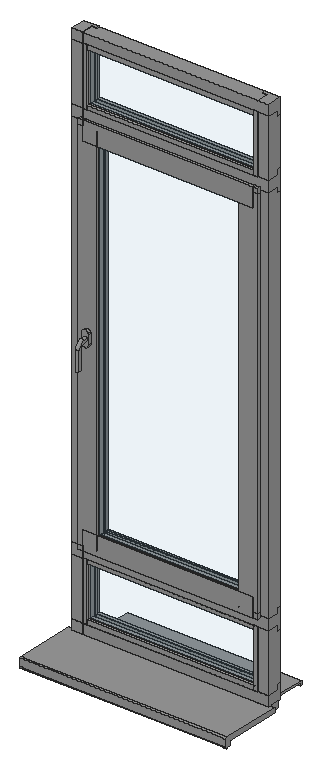
Revit family "deceuninck_okonniy_blok_odnostvorchatiy_s_framugoi_sverhu_i_snizu", category Окна, Revit 2016
Family settings
  Основа = Стена
  Номер OmniClass = 23.30.20.00
  Заголовок OmniClass = Windows
  Всегда вертикально = Да
  При загрузке вырезать с полостями = Нет
  Общий = Нет
  Точка расчета площади = Нет
Parameters (values of type "Энвин ЭКО-60")
  Ширина профиля = 60 mm
  Ширина проема [instance] = ADSK_Ширина рамы + Монтажный зазор.Левый + Монтажный зазор.Правый  # 840 mm
  Четверть.Ширина [instance] = 65 mm
  Четверть.Правая [instance] = if(and(Четверть правая.Видимость, Четверть), Четверть.Ширина, 0 mm)  # 65 mm
  Четверть.Левая [instance] = if(and(Четверть левая.Видимость, Четверть), Четверть.Ширина, 0 mm)  # 65 mm
  Четверть.Глубина [instance] = 120 mm
  Четверть.Высота [instance] = 65 mm
  Четверть правая.Видимость [instance] = yes
  Четверть левая.Видимость [instance] = yes
  Четверть.Врхняя [instance] = if(Четверть, Четверть.Высота, 0 mm)  # 65 mm
  Четверть [instance] = yes
  Цвет профиля = ""
  Фрамуга нижняя.Высота [instance] = 300 mm
  Формула стеклопакета = ""
  Толщина стеклопакета = "32"
  Стеклопакет.Толщина = 32 mm
  Створка [instance] = stvorka : Поворотная право
  Система фурнитуры [instance] = ""
  Расчетное значение ветровой нагрузки [instance] = 400
  Рама.Окно.Ширина [instance] = 800 mm
  Рама.Окно.Высота [instance] = 2200 mm
  Профильная система = "Энвин ЭКО 60"
  Проем.Окно.Ширина [instance] = 840 mm
  Проем.Окно.Высота [instance] = 2255 mm
  Приточный клапан [instance] = no
  Watermarked By = ""
  Rough Width = 0 mm  # constant formula
  Rough Height = 0 mm  # constant formula
  Подоконник.Глубина [instance] = 0 mm
  Подоконник. Видимость [instance] = yes
  Подоконник [instance] = podokonnik : ПВХ 250
  Площаль элемента [instance] = ADSK_Ширина рамы * ADSK_Высота рамы / 1000000 mm  # 1.76 mm
  Отлив.Свес [instance] = 35 mm
  Отлив.Видимость [instance] = yes
  Откосы.Глубина [instance] = 310 mm
  Огнестойкость = "Е-15"
  Наименование = "Окно 1-створчатое с верхними и нижними фрамугами Энвин ЭКО-60"
  Монтажный зазор.Спереди [instance] = 10 mm
  Монтажный зазор.Правый [instance] = if(Четверть правая.Видимость, Монтажный зазор.Боковой, 0 mm)  # 20 mm
  Монтажный зазор.Низ [instance] = 10 mm
  Монтажный зазор.Левый [instance] = if(Четверть левая.Видимость, Монтажный зазор.Боковой, 0 mm)  # 20 mm
  Монтажный зазор.Верх [instance] = 20 mm
  Монтажный зазор.Боковой = 20 mm
  Материал-Стеклопакет = none
  Материал-Рама = none
  Материал-Подоконник = ПВХ, белый
  Материал-Отлив = Лист оцинкованый, белый
  Класс профиля = "Тип В"
  Завод-изготовитель [instance] = "ООО Декёнинк Рус, Россия"  # constant formula
  ГОСТ = "ГОСТ 30673-2013"
  Фрамуга верхняя.Высота [instance] = ADSK_Высота рамы - Высота створки - Фрамуга нижняя.Высота  # 300 mm
  Высота створки [instance] = 1600 mm
  Высота профиля створки = 76 mm
  Высота профиля рамы = 62 mm
  Высота профиля имоста = 82 mm
  Высота проема [instance] = ADSK_Высота рамы + 25 mm + Монтажный зазор.Верх + Монтажный зазор.Низ  # 2255 mm
  Height = 0 mm  # constant formula
  Высота подоконника по умолчанию = 800 mm
  Замыкание стены = По основе
  Width = 0 mm  # constant formula
  Артикул створки/армирование рстворки = "ZE 60D  /  AR1"
  Артикул рамы/армирование рамы = "LE 60D  /  AR1"
  Артикул импоста/армирование импоста = "TE 60D  /  20 x 35"
  Аналитическая конструкция = "<Нет>"
  λ краевой зоны стеклопакета = 0.0600 (m²·K)/W
  Rстеклопакета = 0.7600 (m²·K)/W
  Rпрофиля = 0.6800 (m²·K)/W
  Rпривед [instance] = 1 / (((Ширина профиля / 1000 mm) * (5.4 - 4 * (Ширина профиля / 1000 mm)) / (1.8 * Rпрофиля / Rед)) + ((1.2 - 2 * (Ширина профиля / 1000 mm)) * (1.5 - 2 * (Ширина профиля / 1000 mm)) / (1.8 * Rстеклопакета / Rед)) + (5.4 - 8 * (Ширина профиля / 1000 mm)) * (λ краевой зоны стеклопакета / Rед))  # 0.61064
  Rед = 1.0000 (m²·K)/W
  ADSK_Ширина рамы [instance] = 800 mm
  ADSK_Позиция [instance] = ""
  ADSK_Высота рамы [instance] = 2200 mm
Reference planes
  plane 1 "По центру (Вперед/Назад)": y = 0
  plane 2 "По центру (Влево/Вправо)": x = 0
  plane 3 "Подоконник": z = 800
  plane 4 "Наружный": y = 250
  plane 5 "Внутренние": y = -250
  plane 6: x = -420
  plane 7: x = 420
  plane 8: x = -355
  plane 9: x = 355
  plane 10: y = 130
  plane 11: z = 3000
  plane 12: x = -400
  plane 13: x = 400
  plane 14: z = 775
  plane 15: z = 3020
  plane 16: z = 765
  plane 17: z = 2955
  plane 18: y = 120
  plane 19: y = 60
  plane 20: x = -338
  plane 21: x = 338
  plane 22: z = 2938
  plane 23: z = 862
  plane 24: y = 107
  plane 25: x = 679.372
  plane 26: y = 70
  plane 27: y = 450
  plane 28: z = 2700
  plane 29: z = 1100
Forms (mm)
  Extrusion 1, void
    sketch origin (0, -250, 0) x (1, 0, 0) y (0, 0, 1)
      loop
        line (-420, 3020) -> (-420, 765) -> (420, 765) -> (420, 3020) -> (-420, 3020)
    from 0 to -380
  Extrusion 2, void
    sketch origin (-2200.521, 130, 1000) x (1, 0, 0) y (0, 0, 1)
      loop
        line (1845.521, 1955) -> (1845.521, -235) -> (2555.521, -235) -> (2555.521, 1955) -> (1845.521, 1955)
    from 0 to -320
  Extrusion 3, solid, material <- "Материал-Рама", detail levels fine
    sketch origin (0, 0, 800) x (0, -1, 0) y (-1, 0, 0)
      loop
        line (-120, 400) -> (-120, 338) -> (-107, 338) -> (-107, 358) -> (-60, 358) -> (-60, 400) -> (-120, 400)
      loop
        line (-120, -338) -> (-120, -400) -> (-60, -400) -> (-60, -358) -> (-107, -358) -> (-107, -338) -> (-120, -338)
    from 0 to -2200
  Extrusion 4, solid, material <- "Материал-Рама", detail levels fine
    sketch origin (-750, 0, 0) x (0, -1, 0) y (0, 0, 1)
      loop
        line (-60, 800) -> (-60, 842) -> (-107, 842) -> (-107, 862) -> (-120, 862) -> (-120, 800) -> (-60, 800)
      loop
        line (-60, 2958) -> (-60, 3000) -> (-120, 3000) -> (-120, 2938) -> (-107, 2938) -> (-107, 2958) -> (-60, 2958)
    from -350 to -1150
  Extrusion 5, solid, material <- "Материал-Рама"
    sketch origin (-233.865, 107, 2257) x (0, 0, 1) y (-1, 0, 0)
      loop
        line (-1457, 166.135) -> (-1482, 166.135) -> (-1482, -633.865) -> (-1457, -633.865) -> (-1457, 166.135)
    from 0 to 37
  Extrusion 6, solid, material "Лист оцинкованый, белый" <- "Материал-Отлив", visible <- "Отлив.Видимость", detail levels fine
    sketch origin (355, 531.754, 1000) x (0, 1, 0) y (0, 0, 1)
      loop
        line (-424.754, -225) -> (-251.754, -225) -> (-251.754, -235) -> (-246.754, -235) -> (-246.754, -220) -> (-424.754, -215) -> (-424.754, -225)
    from 0 to -710
  Extrusion 7, solid, detail levels medium
    sketch origin (0, 0, 800) x (0, -1, 0) y (-1, 0, 0)
      loop
        line (-120, 400) -> (-120, 338) -> (-60, 338) -> (-60, 400) -> (-120, 400)
      loop
        line (-120, -400) -> (-60, -400) -> (-60, -338) -> (-120, -338) -> (-120, -400)
    from 0 to -2200
  Extrusion 8, solid, detail levels medium
    sketch origin (-750, 0, 0) x (0, -1, 0) y (0, 0, 1)
      loop
        line (-120, 3000) -> (-120, 2938) -> (-60, 2938) -> (-60, 3000) -> (-120, 3000)
      loop
        line (-60, 800) -> (-60, 862) -> (-120, 862) -> (-120, 800) -> (-60, 800)
    from -1150 to -350
  Extrusion 9, solid, detail levels coarse
    sketch origin (0, 0, 800) x (0, -1, 0) y (-1, 0, 0)
      loop
        line (-120, 400) -> (-120, 289) -> (-47, 289) -> (-47, 400) -> (-120, 400)
      loop
        line (-120, -400) -> (-47, -400) -> (-47, -290) -> (-120, -290) -> (-120, -400)
    from 0 to -2200
  Extrusion 10, solid, detail levels coarse
    sketch origin (-750, 0, 0) x (0, -1, 0) y (0, 0, 1)
      loop
        line (-120, 2889) -> (-47, 2889) -> (-47, 3000) -> (-120, 3000) -> (-120, 2889)
      loop
        line (-47, 800) -> (-47, 911) -> (-120, 911) -> (-120, 800) -> (-47, 800)
    from -1150 to -350
  Extrusion 11, solid, detail levels fine
    sketch origin (-750, 0, 0) x (0, -1, 0) y (0, 0, 1)
      loop
        line (-60, 2679) -> (-60, 2721) -> (-107, 2721) -> (-107, 2741) -> (-120, 2741) -> (-120, 2659) -> (-107, 2659) -> (-107, 2679) -> (-60, 2679)
      loop
        line (-60, 1079) -> (-60, 1121) -> (-107, 1121) -> (-107, 1141) -> (-120, 1141) -> (-120, 1059) -> (-107, 1059) -> (-107, 1079) -> (-60, 1079)
    from -1150 to -350
  Extrusion 12, solid, detail levels medium
    sketch origin (-750, 0, 0) x (0, -1, 0) y (0, 0, 1)
      loop
        line (-120, 2679) -> (-60, 2679) -> (-60, 2721) -> (-120, 2721) -> (-120, 2679)
      loop
        line (-120, 1079) -> (-60, 1079) -> (-60, 1121) -> (-120, 1121) -> (-120, 1079)
    from -1150 to -350
  Extrusion 13, solid, detail levels coarse
    sketch origin (-750, 0, 0) x (0, -1, 0) y (0, 0, 1)
      loop
        line (-47, 2611) -> (-47, 2789) -> (-120, 2789) -> (-120, 2611) -> (-47, 2611)
      loop
        line (-47, 1011) -> (-47, 1189) -> (-120, 1189) -> (-120, 1011) -> (-47, 1011)
    from -1150 to -350
Lines and regions (mm)
  symbolic lines, style "Windows"
    curve 1: line (-400, 130, 0) -> (400, 130, 0)
Text (mm)
  text "Наружный" at (0, 923.751, 2943.296), in view "Справа"
  text "Наружный" at (0, 1040.484, 2685.409), in view "Слева"
Dimensions and locks
  "Высота подоконника по умолчанию": plane 3 "Подоконник" to level
  locked: plane 4 "Наружный" to host wall at 0
  locked: plane 5 "Внутренние" to host wall
  "Четверть.Глубина": plane 10 to plane 4 "Наружный"
  "ADSK_Высота рамы": plane 11 to plane 3 "Подоконник"
  "Монтажный зазор.Верх": plane 15 to plane 11
  locked: plane 3 "Подоконник" to plane 14 at 25
  "Монтажный зазор.Низ": plane 14 to plane 16
  "Четверть.Врхняя": plane 15 to plane 17
  equal spacing: plane 13, plane 2 "По центру (Влево/Вправо)", plane 12
  "ADSK_Ширина рамы": plane 13 to plane 12
  "Четверть.Левая": plane 8 to plane 6
  "Четверть.Правая": plane 7 to plane 9
  "Монтажный зазор.Левый": plane 12 to plane 6
  "Монтажный зазор.Правый": plane 13 to plane 7
  "Монтажный зазор.Спереди": plane 10 to plane 18
  "Ширина профиля": plane 18 to plane 19
  "Высота профиля рамы": plane 12 to plane 20
  locked: Extrusion 3 sketch curve to Extrusion 3 sketch curve at 13  (x2)
  locked: Extrusion 3 sketch curve to Extrusion 3 sketch curve at 20  (x2)
  "Высота профиля рамы": plane 21 to plane 13
  "Высота профиля рамы": plane 11 to plane 22
  "Высота профиля рамы": plane 3 "Подоконник" to plane 23
  locked: Extrusion 4 sketch curve to Extrusion 4 sketch curve at 13  (x2)
  locked: Extrusion 4 sketch curve to Extrusion 4 sketch curve at 20  (x2)
  locked: plane 18 to plane 24 at 13
  locked: plane 26 to plane 19 at 10
  locked: Extrusion 6 sketch curve to Extrusion 6 sketch curve at 5  (x2)
  locked: Extrusion 6 sketch curve to Extrusion 6 sketch curve at 10
  "Отлив.Свес": Extrusion 6 to plane 4 "Наружный"
  locked: plane 4 "Наружный" to plane 27 at 200
  locked: Extrusion 11 sketch curve to Extrusion 11 sketch curve at 20  (x4)
  "Высота профиля имоста": Extrusion 11 sketch curve to Extrusion 11 sketch curve  (x2)
  "Высота створки": plane 28 to plane 29
  equal spacing: Extrusion 11 sketch curve, plane 28, Extrusion 11 sketch curve
  equal spacing: Extrusion 11 sketch curve, plane 29, Extrusion 11 sketch curve
  "Фрамуга нижняя.Высота": plane 29 to plane 3 "Подоконник"
  "Откосы.Глубина": plane 19 to plane 5 "Внутренние"
  "Проем.Окно.Высота": plane 15 to plane 16
  "Рама.Окно.Высота": plane 11 to plane 3 "Подоконник"
  "Проем.Окно.Ширина": plane 7 to plane 6
  "Рама.Окно.Ширина": plane 13 to plane 12
  aligned and locked: Extrusion 1 sketch curve to plane 15
  aligned and locked: Extrusion 1 sketch curve to plane 6
  aligned and locked: Extrusion 1 sketch curve to plane 7
  aligned and locked: Extrusion 1 sketch curve to plane 16
  aligned and locked: plane 10 to Extrusion 1
  aligned and locked: Extrusion 2 sketch curve to plane 17
  aligned and locked: Extrusion 2 sketch curve to plane 8
  aligned and locked: Extrusion 2 sketch curve to plane 9
  aligned and locked: Extrusion 2 sketch curve to plane 16
  aligned and locked: Extrusion 3 sketch curve to plane 18
  aligned and locked: Extrusion 3 sketch curve to plane 19
  aligned and locked: Extrusion 3 sketch curve to plane 20
  aligned and locked: Extrusion 3 sketch curve to plane 12
  aligned and locked: plane 18 to Extrusion 3 sketch curve
  aligned and locked: plane 19 to Extrusion 3 sketch curve
  aligned and locked: Extrusion 3 sketch curve to plane 13
  aligned and locked: Extrusion 3 sketch curve to plane 21
  aligned and locked: plane 11 to Extrusion 3
  aligned and locked: Extrusion 4 sketch curve to plane 19  (x2)
  aligned and locked: Extrusion 4 sketch curve to plane 18  (x2)
  aligned and locked: Extrusion 4 sketch curve to plane 23
  aligned and locked: Extrusion 4 sketch curve to plane 3 "Подоконник"
  aligned and locked: Extrusion 4 sketch curve to plane 22
  aligned and locked: Extrusion 4 sketch curve to plane 11
  aligned and locked: Extrusion 4 to plane 13
  aligned and locked: Extrusion 4 to plane 12
  aligned and locked: plane 24 to nested 1
  aligned and locked: nested 1 to Extrusion 3
  aligned and locked: Extrusion 5 sketch curve to plane 12
  aligned and locked: Extrusion 5 sketch curve to plane 3 "Подоконник"
  aligned and locked: Extrusion 5 sketch curve to plane 14
  aligned and locked: plane 13 to Extrusion 5 sketch curve
  aligned and locked: plane 26 to Extrusion 5
  aligned and locked: nested 2 to plane 3 "Подоконник"
  aligned and locked: plane 26 to nested 2
  aligned and locked: nested 2 to plane 2 "По центру (Влево/Вправо)"
  aligned and locked: plane 14 to Extrusion 6 sketch curve
  aligned and locked: Extrusion 6 to plane 8
  aligned and locked: plane 24 to Extrusion 6 sketch curve
  aligned and locked: plane 27 to Extrusion 2
  aligned and locked: curve 1 to plane 10
  aligned and locked: plane 11 to Extrusion 7
  aligned and locked: Extrusion 8 sketch curve to plane 11
  aligned and locked: Extrusion 8 sketch curve to plane 22
  aligned and locked: Extrusion 8 sketch curve to plane 19  (x2)
  aligned and locked: Extrusion 8 sketch curve to plane 18  (x2)
  aligned and locked: Extrusion 8 sketch curve to plane 3 "Подоконник"
  aligned and locked: Extrusion 8 sketch curve to plane 23
  aligned and locked: Extrusion 8 to plane 13
  aligned and locked: Extrusion 7 sketch curve to plane 20
  aligned and locked: Extrusion 7 sketch curve to plane 19  (x2)
  aligned and locked: Extrusion 7 sketch curve to plane 12
  aligned and locked: plane 13 to Extrusion 7 sketch curve
  aligned and locked: plane 21 to Extrusion 7 sketch curve
  aligned and locked: Extrusion 9 sketch curve to plane 12
  aligned and locked: Extrusion 9 sketch curve to plane 18  (x2)
  aligned and locked: plane 13 to Extrusion 9 sketch curve
  aligned and locked: Extrusion 9 sketch curve to nested 1  (x2)
  aligned and locked: plane 11 to Extrusion 9
  aligned and locked: Extrusion 10 sketch curve to plane 18
  aligned and locked: Extrusion 9 to Extrusion 10 sketch curve  (x2)
  aligned and locked: Extrusion 10 sketch curve to plane 11
  aligned and locked: Extrusion 10 sketch curve to plane 3 "Подоконник"
  aligned and locked: Extrusion 10 sketch curve to Extrusion 9
  aligned and locked: Extrusion 10 to plane 13
  aligned and locked: Extrusion 7 sketch curve to plane 18  (x2)
  aligned and locked: Extrusion 10 to plane 12
  aligned and locked: Extrusion 8 to plane 12
  aligned and locked: Extrusion 11 sketch curve to plane 19
  aligned and locked: Extrusion 11 sketch curve to plane 18
  aligned and locked: Extrusion 3 to Extrusion 11 sketch curve
  aligned and locked: Extrusion 11 to plane 13
  aligned and locked: Extrusion 11 to plane 12
  aligned and locked: Extrusion 12 sketch curve to plane 18
  aligned and locked: Extrusion 12 sketch curve to plane 19
  aligned and locked: nested 1 to Extrusion 11  (x2)
  aligned and locked: nested 3 to Extrusion 4
  aligned and locked: plane 24 to nested 3
  aligned and locked: Extrusion 3 to nested 3
  aligned and locked: nested 3 to Extrusion 3
  aligned and locked: nested 3 to Extrusion 11
  aligned and locked: Extrusion 9 to Extrusion 13 sketch curve  (x2)
  aligned and locked: Extrusion 13 sketch curve to nested 3
  aligned and locked: Extrusion 13 sketch curve to nested 1
  aligned and locked: Extrusion 13 sketch curve to plane 18  (x2)
  aligned and locked: Extrusion 13 to plane 13
  aligned and locked: Extrusion 13 to plane 12
  aligned and locked: Extrusion 12 sketch curve to Extrusion 11  (x4)
  aligned and locked: Extrusion 11 to Extrusion 12 sketch curve
  aligned and locked: nested 4 to Extrusion 11
  aligned and locked: nested 4 to Extrusion 4
  aligned and locked: plane 24 to nested 4
  aligned and locked: Extrusion 3 to nested 4
  aligned and locked: nested 4 to Extrusion 3
  aligned and locked: Extrusion 13 sketch curve to nested 4
  aligned and locked: nested 1 to Extrusion 13 sketch curve
  aligned and locked: Extrusion 3 to nested 1
  aligned and locked: Extrusion 12 to plane 12
  aligned and locked: Extrusion 12 to plane 13
Automatic sketch dimensions
  host wall to Extrusion 6 sketch curve = 30 mm
  Extrusion 6 sketch curve to Extrusion 6 sketch curve = 10 mm
  curve 1 to plane 12 = 0 mm
  curve 1 to plane 13 = 0 mm
  Extrusion 9 sketch curve to plane 19 = 13 mm
  plane 20 to Extrusion 9 sketch curve = 49 mm
  plane 23 to Extrusion 10 sketch curve = 49 mm
  plane 22 to Extrusion 10 sketch curve = 49 mm
  Extrusion 12 sketch curve to plane 18 = 0 mm
  Extrusion 11 sketch curve to plane 18 = 0 mm
  Extrusion 11 sketch curve to plane 24 = 0 mm  (x4)
  Extrusion 11 sketch curve to plane 19 = 0 mm
Nested families
  nested 1: "stvorka" at (0, 107, 1121), Профиль.Ширина <- "Ширина профиля", type <- "Створка", Стеклопакет.Толщина <- "Стеклопакет.Толщина", Профиль.Высота <- "Высота профиля створки", type "Поворотная право"
    with Стеклопакет.Толщина 32 mm, Створка.Ширина 716 mm, Створка.Высота 1558 mm, Ручка.Расстояние от низа створки 779 mm, Профиль.Ширина 60 mm, Профиль.Высота 76 mm, Материал.Профиль none
  nested 2: "podokonnik" at (0, 70, 800), Материал-Подоконник <- "Материал-Подоконник", Длина подоконника <- "Ширина проема", type <- "Подоконник", visible <- "Подоконник. Видимость", type "ПВХ 250", detail levels fine
    with Материал-Подоконник ПВХ, белый, Длина подоконника 840 mm
  nested 3: "stvorka" at (0, 107, 2721), Профиль.Ширина <- "Ширина профиля", Стеклопакет.Толщина <- "Стеклопакет.Толщина", Профиль.Высота <- "Высота профиля створки", type "Глухая"
    with Стеклопакет.Толщина 32 mm, Створка.Ширина 716 mm, Створка.Высота 237 mm, Ручка.Расстояние от низа створки 118.5 mm, Профиль.Ширина 60 mm, Профиль.Высота 76 mm, Материал.Профиль none
  nested 4: "stvorka" at (0, 107, 842), Профиль.Ширина <- "Ширина профиля", Стеклопакет.Толщина <- "Стеклопакет.Толщина", Профиль.Высота <- "Высота профиля створки", type "Глухая"
    with Стеклопакет.Толщина 32 mm, Створка.Ширина 716 mm, Створка.Высота 237 mm, Ручка.Расстояние от низа створки 118.5 mm, Профиль.Ширина 60 mm, Профиль.Высота 76 mm, Материал.Профиль none
Definition of nested family "stvorka"
  Parameters (values of type "Поворотно-откидная лево")
    Стеклопакет.Толщина [instance] = 32 mm
    Створка.Ширина [instance] = 700 mm
    Створка.Открытие = not(Створка.Глухая)  # yes
    Створка.Высота [instance] = 1400 mm
    Ручка.Расстояние от низа створки [instance] = Створка.Высота / 2  # 700 mm
    Ручка справа = yes
    Ручка снизу = no
    Ручка слева = no
    Ручка сверху. = no
    Профиль.Ширина [instance] = 58 mm
    Профиль.Высота [instance] = 77 mm
    Открывание правое = no
    Открывание низ = no
    Открывание левое = yes
    Открывание верх = yes
    Створка.Глухая = no
    Материал.Стеклопакет = none
    Материал.Профиль [instance] = none
    Watermarked By = ""
    Type Comments = "﻿﻿​        ﻿﻿﻿   ﻿﻿﻿   ﻿﻿﻿ ﻿     ﻿ ﻿  ﻿﻿ ﻿   ﻿ ﻿     ​ ​ ​ ​     ​ ​                          ​                                                 ​           ​ ﻿         ﻿  ​﻿﻿"
    Keynote = "﻿﻿​        ﻿﻿﻿   ﻿﻿﻿   ﻿﻿﻿ ﻿     ﻿ ﻿  ﻿﻿ ﻿   ﻿ ﻿     ​ ​ ​ ​     ​ ​                          ​                                                 ​           ​ ﻿         ﻿  ​﻿﻿"
    Description = "﻿﻿​        ﻿﻿﻿   ﻿﻿﻿   ﻿﻿﻿ ﻿     ﻿ ﻿  ﻿﻿ ﻿   ﻿ ﻿     ​ ​ ​ ​     ​ ​                          ​                                                 ​           ​ ﻿         ﻿  ​﻿﻿"
    Assembly Code = "﻿﻿​        ﻿﻿﻿   ﻿﻿﻿   ﻿﻿﻿ ﻿     ﻿ ﻿  ﻿﻿ ﻿   ﻿ ﻿     ​ ​ ​ ​     ​ ​                          ​                                                 ​           ​ ﻿         ﻿  ​﻿﻿"
    Analytic Construction = "<Нет>"
  Types (5, lengths in mm): name | Створка.Ширина | Створка.Открытие | Створка.Высота | Ручка.Расстояние от низа створки | Ручка справа | Ручка слева | Открывание правое | Открывание левое | Открывание верх | Створка.Глухая
    Глухая | 600 | no | 1500 | 750 | no | no | no | no | no | yes
    Поворотная право | 600 | yes | 1500 | 750 | no | yes | yes | no | no | no
    Поворотная лево | 600 | yes | 1500 | 750 | yes | no | no | yes | no | no
    Поворотно-откидная право | 600 | yes | 1500 | 750 | no | yes | yes | no | yes | no
    Поворотно-откидная лево | 700 | yes | 1400 | 700 | yes | no | no | yes | yes | no
  Reference planes
    plane 1 "По центру (Вперед/Назад)": y = 0
    plane 2: z = 0
    plane 3 "По центру (Влево/Вправо)": x = 0
    plane 4: x = -338
    plane 5: x = 338
    plane 6: y = -58
    plane 7: z = 1400
    plane 8: y = -16
    plane 9: y = -48
    plane 10: y = -51
    plane 11: x = -350
    plane 12: x = 350
    plane 13: z = 12
    plane 14: z = -8
    plane 15: z = 1408
    plane 16: z = 1388
    plane 17: z = 700
    plane 18: x = -358
    plane 19: x = -281
    plane 20: x = 358
    plane 21: x = 281
    plane 22: z = 1331
    plane 23: z = 69
    plane 24: z = 700
  Forms (mm)
    Extrusion 1, solid, material <- "Материал.Профиль", visible <- "Створка.Открытие", detail levels fine
      sketch origin (0, 0, 0) x (1, 0, 0) y (0, 1, 0)
        loop
          line (-338, 0) -> (-338, -45) -> (-358, -45) -> (-358, -58) -> (-281, -58) -> (-281, -51) -> (-301, -51) -> (-301, -13) -> (-281, -13) -> (-284, 0) -> (-338, 0)
        loop
          line (338, 0) -> (284, 0) -> (281, -13) -> (301, -13) -> (301, -51) -> (281, -51) -> (281, -58) -> (358, -58) -> (358, -45) -> (338, -45) -> (338, 0)
      from 12 to 1388
    Extrusion 2, solid, visible <- "Створка.Открытие", detail levels fine
      sketch origin (0, 0, 0) x (1, 0, 0) y (0, 1, 0)
        loop
          line (-301, -13) -> (-301, -51) -> (-281, -51) -> (-281, -48) -> (-291, -48) -> (-291, -16) -> (-281, -16) -> (-281, -13) -> (-301, -13)
        loop
          line (301, -13) -> (281, -13) -> (281, -16) -> (291, -16) -> (291, -48) -> (281, -48) -> (281, -51) -> (301, -51) -> (301, -13)
      from 49 to 1351
    Extrusion 3, solid, material <- "Материал.Профиль", visible <- "Створка.Открытие", detail levels fine
      sketch origin (0, 0, 12) x (0, 1, 0) y (0, 0, 1)
        loop
          line (-58, 57) -> (-58, -20) -> (-45, -20) -> (-45, 0) -> (0, 0) -> (0, 54) -> (-13, 57) -> (-13, 37) -> (-51, 37) -> (-51, 57) -> (-58, 57)
        loop
          line (-58, 1319) -> (-51, 1319) -> (-51, 1339) -> (-13, 1339) -> (-13, 1319) -> (0, 1322) -> (0, 1376) -> (-45, 1376) -> (-45, 1396) -> (-58, 1396) -> (-58, 1319)
      from -338 to 338
    Extrusion 4, solid, visible <- "Створка.Открытие", detail levels fine
      sketch origin (0, 0, 0) x (0, 1, 0) y (0, 0, 1)
        loop
          line (-16, 69) -> (-16, 59) -> (-48, 59) -> (-48, 69) -> (-51, 69) -> (-51, 49) -> (-13, 49) -> (-13, 69) -> (-16, 69)
        loop
          line (-51, 1351) -> (-51, 1331) -> (-48, 1331) -> (-48, 1341) -> (-16, 1341) -> (-16, 1331) -> (-13, 1331) -> (-13, 1351) -> (-51, 1351)
      from -301 to 301
    Extrusion 5, solid, material <- "Материал.Профиль", visible <- "Створка.Открытие", detail levels fine
      sketch origin (-963, -48, 1200) x (-1, 0, 0) y (0, 0, 1)
        loop
          line (-605, 208) -> (-625, 208) -> (-625, 188) -> (-605, 188) -> (-605, 208)
        loop
          line (-1301, 208) -> (-1321, 208) -> (-1321, 188) -> (-1301, 188) -> (-1301, 208)
        loop
          line (-625, -1188) -> (-625, -1208) -> (-605, -1208) -> (-605, -1188) -> (-625, -1188)
        loop
          line (-1321, -1188) -> (-1321, -1208) -> (-1301, -1208) -> (-1301, -1188) -> (-1321, -1188)
      from 3 to -10
    Extrusion 6, solid, material <- "Материал.Стеклопакет", visible <- "Створка.Открытие"
      sketch origin (0, -16, 59) x (0, -1, 0) y (1, 0, 0)
        loop
          line (0, 291) -> (0, -291) -> (32, -291) -> (32, 291) -> (0, 291)
      from 0 to 1282
    Extrusion 7, solid, material <- "Материал.Профиль", visible <- "Створка.Открытие", detail levels medium
      sketch origin (0, 0, 0) x (1, 0, 0) y (0, 1, 0)
        loop
          line (-281, 0) -> (-358, 0) -> (-358, -58) -> (-281, -58) -> (-281, 0)
        loop
          line (358, 0) -> (281, 0) -> (281, -58) -> (358, -58) -> (358, 0)
      from 12 to 1388
    Extrusion 8, solid, material <- "Материал.Профиль", visible <- "Створка.Открытие", detail levels medium
      sketch origin (0, 0, 0) x (0, 1, 0) y (0, 0, 1)
        loop
          line (0, 1408) -> (-58, 1408) -> (-58, 1331) -> (0, 1331) -> (0, 1408)
        loop
          line (0, 69) -> (-58, 69) -> (-58, -8) -> (0, -8) -> (0, 69)
      from -358 to 358
    Extrusion 9, solid, material <- "Материал.Профиль", visible <- "Створка.Глухая", detail levels fine
      sketch origin (0, 0, 0) x (0, 1, 0) y (0, 0, 1)
        loop
          line (-45, 1400) -> (-45, 1383) -> (-38, 1380) -> (-38, 1400) -> (-45, 1400)
        loop
          line (-45, 0) -> (-38, 0) -> (-38, 20) -> (-45, 17) -> (-45, 0)
      from -350 to 350
    Extrusion 10, solid, visible <- "Створка.Глухая", detail levels fine
      sketch origin (0, 0, 0) x (0, 1, 0) y (0, 0, 1)
        loop
          line (0, 1400) -> (-38, 1400) -> (-38, 1380) -> (-35, 1380) -> (-35, 1390) -> (-3, 1390) -> (-3, 1380) -> (0, 1380) -> (0, 1400)
        loop
          line (0, 0) -> (0, 20) -> (-3, 20) -> (-3, 10) -> (-35, 10) -> (-35, 20) -> (-38, 20) -> (-38, 0) -> (0, 0)
      from -350 to 350
    Extrusion 11, solid, visible <- "Створка.Глухая", detail levels fine
      sketch origin (0, 0, 0) x (1, 0, 0) y (0, 1, 0)
        loop
          line (-350, 0) -> (-350, -38) -> (-330, -38) -> (-330, -35) -> (-340, -35) -> (-340, -3) -> (-330, -3) -> (-330, 0) -> (-350, 0)
        loop
          line (350, 0) -> (330, 0) -> (330, -3) -> (340, -3) -> (340, -35) -> (330, -35) -> (330, -38) -> (350, -38) -> (350, 0)
      from 0 to 1400
    Extrusion 12, solid, material <- "Материал.Профиль", visible <- "Створка.Глухая", detail levels fine
      sketch origin (0, 0, 0) x (1, 0, 0) y (0, 1, 0)
        loop
          line (-350, -38) -> (-350, -45) -> (-333, -45) -> (-330, -38) -> (-350, -38)
        loop
          line (350, -38) -> (330, -38) -> (333, -45) -> (350, -45) -> (350, -38)
      from 0 to 1400
    Extrusion 13, solid, material <- "Материал.Стеклопакет", visible <- "Створка.Глухая"
      sketch origin (0, 0, 0) x (1, 0, 0) y (0, 1, 0)
        loop
          line (-340, -3) -> (-340, -35) -> (340, -35) -> (340, -3) -> (-340, -3)
      from 10 to 1390
    Extrusion 14, solid, material <- "Материал.Профиль", visible <- "Створка.Глухая", detail levels medium
      sketch origin (0, 0, 0) x (1, 0, 0) y (0, 1, 0)
        loop
          line (-330, 0) -> (-350, 0) -> (-350, -45) -> (-330, -45) -> (-330, 0)
        loop
          line (350, 0) -> (330, 0) -> (330, -45) -> (350, -45) -> (350, 0)
      from 0 to 1400
    Extrusion 15, solid, material <- "Материал.Профиль", visible <- "Створка.Глухая", detail levels medium
      sketch origin (-350, 682.027, 1200) x (0, 1, 0) y (0, 0, 1)
        loop
          line (-682.027, 180) -> (-682.027, 200) -> (-727.027, 200) -> (-727.027, 180) -> (-682.027, 180)
        loop
          line (-682.027, -1200) -> (-682.027, -1180) -> (-727.027, -1180) -> (-727.027, -1200) -> (-682.027, -1200)
      from 0 to 700
  Lines and regions (mm)
    symbolic lines, visible <- "Открывание правое"
      curve 1: line (281, 0, 1331) -> (-281, 0, 700)
      curve 2: line (-281, 0, 700) -> (281, 0, 69)
    symbolic lines, visible <- "Открывание левое"
      curve 3: line (-281, 0, 1331) -> (281, 0, 700)
      curve 4: line (281, 0, 700) -> (-281, 0, 69)
    symbolic lines, visible <- "Открывание верх"
      curve 5: line (-281, 0, 69) -> (0, 0, 1331)
      curve 6: line (0, 0, 1331) -> (281, 0, 69)
    symbolic lines, visible <- "Открывание низ"
      curve 7: line (-281, 0, 1331) -> (0, 0, 69)
      curve 8: line (0, 0, 69) -> (281, 0, 1331)
    symbolic lines, visible <- "Створка.Глухая"
      curve 9: line (0, 0, 650) -> (0, 0, 750)
      curve 10: line (-50, 0, 700) -> (50, 0, 700)
  Dimensions and locks
    locked: Extrusion 1 sketch curve to Extrusion 1 sketch curve at 13  (x2)
    "Профиль.Ширина": plane 1 "По центру (Вперед/Назад)" to plane 6
    "Стеклопакет.Толщина": plane 8 to plane 9
    locked: plane 8 to plane 1 "По центру (Вперед/Назад)" at 16
    locked: Extrusion 1 to Extrusion 2 sketch curve at 10
    locked: Extrusion 2 sketch curve to Extrusion 1 at 10
    locked: plane 9 to plane 10 at 3
    locked: Extrusion 3 sketch curve to Extrusion 3 sketch curve at 13  (x2)
    locked: Extrusion 4 sketch curve to Extrusion 3 at 10  (x2)
    "Створка.Высота": plane 7 to plane 2
    locked: plane 4 to plane 11 at 12
    locked: plane 12 to plane 5 at 12
    equal spacing: plane 12, plane 3 "По центру (Влево/Вправо)", plane 11
    "Створка.Ширина": plane 12 to plane 11
    locked: plane 15 to plane 7 at 8
    locked: plane 7 to plane 16 at 12
    locked: plane 2 to plane 14 at 8
    locked: plane 13 to plane 2 at 12
    "Профиль.Высота": plane 18 to plane 19
    "Профиль.Высота": plane 21 to plane 20
    locked: plane 21 to Extrusion 2 at 20
    "Профиль.Высота": plane 22 to plane 15
    locked: plane 11 to plane 18 at 8
    locked: plane 20 to plane 12 at 8
    locked: Extrusion 2 to plane 19 at 20
    "Профиль.Высота": plane 23 to plane 14
    "Ручка.Расстояние от низа створки": plane 17 to plane 2
    locked: nested 3 to plane 13 at 18.5
    locked: nested 4 to plane 16 at 18.5
    locked: nested 1 to plane 4 at 18.5
    locked: plane 5 to nested 2 at 18.5
    equal spacing: plane 7, plane 24, plane 2
    locked: Extrusion 10 sketch curve to Extrusion 10 sketch curve at 20  (x2)
    locked: plane 1 "По центру (Вперед/Назад)" to Extrusion 10 sketch curve at 3  (x2)
    "Стеклопакет.Толщина": Extrusion 10 sketch curve to Extrusion 10 sketch curve  (x2)
    locked: plane 11 to Extrusion 11 sketch curve at 10
    locked: Extrusion 11 sketch curve to Extrusion 11 sketch curve at 3  (x2)
    locked: Extrusion 11 sketch curve to plane 1 "По центру (Вперед/Назад)" at 3
    "Стеклопакет.Толщина": Extrusion 11 sketch curve to Extrusion 11 sketch curve  (x2)
    locked: Extrusion 11 sketch curve to plane 12 at 10
    locked: Extrusion 1 to Extrusion 11 sketch curve at 3
    locked: Extrusion 14 to Extrusion 15 sketch curve at 20  (x2)
    locked: Extrusion 11 to Extrusion 14 sketch curve at 20
    locked: Extrusion 14 sketch curve to Extrusion 14 sketch curve at 20
    curve 9 to plane 24 to curve 9 = 50 mm locked, 50 mm locked
    curve 10 to plane 3 "По центру (Влево/Вправо)" to curve 10 = 50 mm locked, 50 mm locked
    locked: Extrusion 7 to Extrusion 1 sketch curve at 13  (x2)
    locked: Extrusion 3 sketch curve to Extrusion 8 at 13  (x2)
    locked: Extrusion 4 to plane 23 at 20
    locked: Extrusion 4 to plane 22 at 20
    locked: Extrusion 14 to Extrusion 13 at 10
    locked: Extrusion 10 sketch curve to Extrusion 13 at 10
    aligned and locked: level to plane 2
    aligned and locked: Extrusion 1 sketch curve to plane 4
    aligned and locked: plane 6 to Extrusion 1 sketch curve
    aligned and locked: plane 1 "По центру (Вперед/Назад)" to Extrusion 1 sketch curve
    aligned and locked: plane 10 to Extrusion 1 sketch curve
    aligned and locked: Extrusion 2 sketch curve to Extrusion 1  (x9)
    aligned and locked: Extrusion 2 sketch curve to plane 9
    aligned and locked: Extrusion 2 sketch curve to plane 8
    aligned and locked: Extrusion 1 sketch curve to plane 5
    aligned and locked: Extrusion 1 sketch curve to plane 6
    aligned and locked: Extrusion 1 sketch curve to plane 1 "По центру (Вперед/Назад)"
    aligned and locked: Extrusion 1 to Extrusion 2 sketch curve
    aligned and locked: plane 6 to Extrusion 3 sketch curve
    aligned and locked: plane 1 "По центру (Вперед/Назад)" to Extrusion 3 sketch curve
    aligned and locked: plane 10 to Extrusion 3 sketch curve
    aligned and locked: plane 13 to Extrusion 3
    aligned and locked: plane 8 to Extrusion 4 sketch curve  (x2)
    aligned and locked: plane 9 to Extrusion 4 sketch curve
    aligned and locked: Extrusion 4 sketch curve to Extrusion 3  (x8)
    aligned and locked: Extrusion 3 to Extrusion 4 sketch curve  (x2)
    aligned and locked: plane 5 to Extrusion 3
    aligned and locked: plane 14 to Extrusion 3
    aligned and locked: Extrusion 3 to plane 4
    aligned and locked: Extrusion 4 to Extrusion 1  (x2)
    aligned and locked: Extrusion 2 to Extrusion 4
    aligned and locked: Extrusion 3 sketch curve to plane 6
    aligned and locked: Extrusion 3 sketch curve to plane 1 "По центру (Вперед/Назад)"
    aligned and locked: plane 15 to Extrusion 3 sketch curve
    aligned and locked: Extrusion 2 to Extrusion 4 sketch curve
    aligned and locked: Extrusion 1 to Extrusion 3  (x2)
    aligned and locked: Extrusion 5 sketch curve to plane 15
    aligned and locked: Extrusion 5 sketch curve to plane 16
    aligned and locked: Extrusion 5 sketch curve to plane 4
    aligned and locked: Extrusion 5 to plane 6
    aligned and locked: Extrusion 2 to Extrusion 3
    aligned and locked: plane 5 to Extrusion 5 sketch curve  (x2)
    aligned and locked: plane 16 to Extrusion 5 sketch curve
    aligned and locked: plane 15 to Extrusion 5 sketch curve
    aligned and locked: plane 18 to Extrusion 1 sketch curve
    aligned and locked: Extrusion 1 sketch curve to plane 19
    aligned and locked: plane 21 to Extrusion 1 sketch curve
    aligned and locked: Extrusion 1 sketch curve to plane 20
    aligned and locked: Extrusion 3 sketch curve to plane 14
    aligned and locked: plane 13 to Extrusion 3 sketch curve
    aligned and locked: Extrusion 3 sketch curve to plane 23
    aligned and locked: plane 22 to Extrusion 3 sketch curve
    aligned and locked: Extrusion 3 sketch curve to plane 16
    aligned and locked: Extrusion 6 sketch curve to plane 8
    aligned and locked: Extrusion 6 sketch curve to plane 9
    aligned and locked: Extrusion 6 sketch curve to Extrusion 2  (x2)
    aligned and locked: Extrusion 6 to Extrusion 4
    aligned and locked: plane 4 to Extrusion 5 sketch curve
    aligned and locked: plane 18 to Extrusion 5 sketch curve
    aligned and locked: plane 13 to Extrusion 5 sketch curve  (x2)
    aligned and locked: plane 14 to Extrusion 5 sketch curve  (x2)
    aligned and locked: Extrusion 5 sketch curve to plane 20
    aligned and locked: Extrusion 7 sketch curve to plane 1 "По центру (Вперед/Назад)"  (x2)
    aligned and locked: Extrusion 7 sketch curve to plane 6  (x2)
    aligned and locked: Extrusion 7 sketch curve to plane 18
    aligned and locked: Extrusion 7 sketch curve to plane 19
    aligned and locked: plane 20 to Extrusion 7 sketch curve
    aligned and locked: plane 21 to Extrusion 7 sketch curve
    aligned and locked: Extrusion 7 to Extrusion 1
    aligned and locked: Extrusion 1 to plane 16
    aligned and locked: Extrusion 7 to Extrusion 3
    aligned and locked: plane 1 "По центру (Вперед/Назад)" to Extrusion 8 sketch curve  (x2)
    aligned and locked: plane 6 to Extrusion 8 sketch curve  (x2)
    aligned and locked: plane 15 to Extrusion 8 sketch curve
    aligned and locked: plane 22 to Extrusion 8 sketch curve
    aligned and locked: Extrusion 8 sketch curve to plane 23
    aligned and locked: plane 14 to Extrusion 8 sketch curve
    aligned and locked: Extrusion 8 to Extrusion 1  (x2)
    aligned and locked: plane 3 "По центру (Влево/Вправо)" to nested 3
    aligned and locked: plane 3 "По центру (Влево/Вправо)" to nested 4
    aligned and locked: nested 1 to plane 17
    aligned and locked: nested 2 to plane 17
    aligned and locked: Extrusion 9 sketch curve to plane 7
    aligned and locked: Extrusion 10 sketch curve to plane 7
    aligned and locked: plane 1 "По центру (Вперед/Назад)" to Extrusion 10 sketch curve
    aligned and locked: Extrusion 10 sketch curve to Extrusion 10 sketch curve  (x2)
    aligned and locked: Extrusion 10 sketch curve to plane 1 "По центру (Вперед/Назад)"
    aligned and locked: Extrusion 9 sketch curve to plane 2
    aligned and locked: Extrusion 9 sketch curve to Extrusion 10
    aligned and locked: Extrusion 9 to plane 11
    aligned and locked: Extrusion 10 to plane 11
    aligned and locked: plane 12 to Extrusion 10
    aligned and locked: plane 12 to Extrusion 9
    aligned and locked: Extrusion 11 sketch curve to plane 11
    aligned and locked: Extrusion 11 sketch curve to plane 12
    aligned and locked: plane 1 "По центру (Вперед/Назад)" to Extrusion 11 sketch curve
    aligned and locked: Extrusion 12 sketch curve to Extrusion 11
    aligned and locked: Extrusion 12 sketch curve to plane 11
    aligned and locked: Extrusion 12 sketch curve to Extrusion 9  (x2)
    aligned and locked: Extrusion 10 to Extrusion 12 sketch curve
    aligned and locked: Extrusion 12 sketch curve to plane 12
    aligned and locked: plane 7 to Extrusion 12
    aligned and locked: plane 7 to Extrusion 11
    aligned and locked: Extrusion 13 sketch curve to Extrusion 11  (x4)
    aligned and locked: Extrusion 13 to Extrusion 10  (x2)
    aligned and locked: Extrusion 14 sketch curve to plane 1 "По центру (Вперед/Назад)"  (x2)
    aligned and locked: Extrusion 14 sketch curve to plane 11
    aligned and locked: Extrusion 14 sketch curve to plane 12
    aligned and locked: plane 7 to Extrusion 14
    aligned and locked: Extrusion 15 sketch curve to Extrusion 10
    aligned and locked: plane 7 to Extrusion 15 sketch curve
    aligned and locked: plane 2 to Extrusion 15 sketch curve
    aligned and locked: plane 1 "По центру (Вперед/Назад)" to Extrusion 15 sketch curve
    aligned and locked: curve 10 to plane 24
    aligned and locked: Extrusion 14 sketch curve to Extrusion 12  (x2)
    aligned and locked: Extrusion 5 to Extrusion 1
    aligned and locked: plane 12 to Extrusion 15
    aligned and locked: Extrusion 9 to Extrusion 1  (x2)
    aligned and locked: Extrusion 15 sketch curve to Extrusion 1  (x2)
  Automatic sketch dimensions
    curve 4 to plane 19 = 0 mm
    curve 1 to plane 17 = 0 mm
    curve 1 to plane 19 = 0 mm
    curve 3 to plane 19 = 0 mm
    curve 6 to plane 3 "По центру (Влево/Вправо)" = 0 mm
    curve 9 to plane 3 "По центру (Влево/Вправо)" = 0 mm
    curve 8 to plane 3 "По центру (Влево/Вправо)" = 0 mm
    plane 21 to curve 8 = 0 mm
    curve 4 to plane 17 = 0 mm
    plane 21 to curve 4 = 0 mm
    plane 21 to curve 2 = 0 mm
    curve 7 to plane 23 = 0 mm
    curve 5 to plane 23 = 0 mm
    curve 2 to plane 23 = 0 mm
    curve 8 to plane 22 = 0 mm
    curve 3 to plane 22 = 0 mm
    curve 6 to plane 22 = 0 mm
    Extrusion 1 sketch curve to plane 19 = 0 mm
    Extrusion 1 sketch curve to plane 21 = 0 mm
    plane 10 to Extrusion 1 sketch curve = 0 mm
    Extrusion 1 sketch curve to Extrusion 1 sketch curve = 20 mm  (x2)
    Extrusion 1 sketch curve to plane 19 = 3 mm
    Extrusion 1 sketch curve to plane 21 = 3 mm
    Extrusion 2 sketch curve to plane 9 = 0 mm
    plane 8 to Extrusion 2 sketch curve = 0 mm
    Extrusion 3 sketch curve to plane 10 = 0 mm
    Extrusion 3 sketch curve to plane 23 = 0 mm
    plane 22 to Extrusion 3 sketch curve = 0 mm
    Extrusion 3 sketch curve to plane 23 = 3 mm
    Extrusion 3 sketch curve to plane 22 = 3 mm
    plane 20 to Extrusion 5 sketch curve = 0 mm
    Extrusion 5 sketch curve to plane 18 = 0 mm
    plane 9 to Extrusion 9 sketch curve = 10 mm
    plane 13 to Extrusion 9 sketch curve = 5 mm
    plane 13 to Extrusion 9 sketch curve = 8 mm
    plane 16 to Extrusion 9 sketch curve = 8 mm
    plane 16 to Extrusion 9 sketch curve = 5 mm
    plane 4 to Extrusion 12 sketch curve = 5 mm
    plane 4 to Extrusion 12 sketch curve = 8 mm
    Extrusion 12 sketch curve to plane 5 = 8 mm
    Extrusion 12 sketch curve to plane 5 = 5 mm
    plane 9 to Extrusion 9 sketch curve = 3 mm  (x2)
    Extrusion 3 sketch curve to plane 22 = 20 mm
    Extrusion 3 sketch curve to plane 23 = 20 mm
    plane 9 to Extrusion 10 sketch curve = 10 mm
    Extrusion 10 sketch curve to Extrusion 10 sketch curve = 3 mm
    Extrusion 10 sketch curve to plane 13 = 2 mm
    Extrusion 10 sketch curve to plane 16 = 2 mm
    plane 1 "По центру (Вперед/Назад)" to Extrusion 11 sketch curve = 0 mm
    plane 4 to Extrusion 11 sketch curve = 8 mm  (x2)
    Extrusion 11 sketch curve to plane 5 = 8 mm  (x2)
  Nested families
    nested 1: "ruchka" at (-319.5, -58, 700) x (1, 0, 0) z (0, -1, 0), visible <- "Ручка слева", type "ruchka", detail levels fine
    nested 2: "ruchka" at (319.5, -58, 700) x (1, 0, 0) z (0, -1, 0), visible <- "Ручка справа", Маериал.Ручка <- "Материал.Профиль", type "ruchka", detail levels fine
    nested 3: "ruchka" at (0, -58, 30.5) x (0, 0, 1) z (0, -1, 0), visible <- "Ручка снизу", Маериал.Ручка <- "Материал.Профиль", type "ruchka", detail levels fine
    nested 4: "ruchka" at (0, -58, 1369.5) x (0, 0, 1) z (0, -1, 0), visible <- "Ручка сверху.", Маериал.Ручка <- "Материал.Профиль", type "ruchka", detail levels fine
  Definition of nested family "ruchka"
    Parameters (values of type "ruchka")
      Watermarked By = ""
      Type Comments = "﻿﻿                           ﻿       ﻿     ﻿       ​         ​       ​   ​                  ﻿    ​            ﻿   ﻿                     ﻿     ﻿       ﻿   ​         ﻿       ﻿﻿"
      Keynote = "﻿﻿                           ﻿       ﻿     ﻿       ​         ​       ​   ​                  ﻿    ​            ﻿   ﻿                     ﻿     ﻿       ﻿   ​         ﻿       ﻿﻿"
      Description = "﻿﻿                           ﻿       ﻿     ﻿       ​         ​       ​   ​                  ﻿    ​            ﻿   ﻿                     ﻿     ﻿       ﻿   ​         ﻿       ﻿﻿"
      Default Elevation = 1219.2 mm
      Маериал.Ручка [instance] = none
      Assembly Code = "﻿﻿                           ﻿       ﻿     ﻿       ​         ​       ​   ​                  ﻿    ​            ﻿   ﻿                     ﻿     ﻿       ﻿   ​         ﻿       ﻿﻿"
      Analytic Construction = "<Нет>"
    Reference planes
      plane 1 "По центру (Вперед/Назад)": y = 0
      plane 2: z = 0
      plane 3 "По центру (Влево/Вправо)": x = 0
    Forms (mm)
      Extrusion 1, solid
        sketch origin (0, 0, 0) x (1, 0, 0) y (0, 1, 0)
          loop
            line (-1219.2, 1219.2) -> (-1219.2, -1219.2) -> (1219.2, -1219.2) -> (1219.2, 1219.2) -> (-1219.2, 1219.2)
        from 0 to -304.8
      Extrusion 2, solid, material <- "Маериал.Ручка"
        sketch origin (-1, 0, 0) x (0, -1, 0) y (1, 0, 0)
          loop
            arc (-18, 15) -> (-32, 1) -> (-18, -13) r 14
            line (-18, -13) -> (18, -13)
            arc (18, -13) -> (32, 1) -> (18, 15) r 14
            line (18, 15) -> (-18, 15)
        from 0 to 10
      Sweep 3, solid, material <- "Маериал.Ручка"
        path origin (0, 0, 0) x (0, -1, 0) y (0, 0, 1)
          loop
            line (0, 10) -> (0, 30)
            arc (0, 30) -> (7.903, 42.097) -> (20, 50) r 35.203
            line (20, 50) -> (100, 50)
        profile origin (0, 0, 20) x (0, 1, 0) y (-1, 0, 0)
          loop
            line (0, 7) -> (-7, 7) -> (-7, -7) -> (0, -7)
            arc (0, -7) -> (7, 0) -> (0, 7) r 7
    Dimensions and locks
      aligned and locked: plane 2 to Extrusion 1
      aligned and locked: level to Extrusion 1
Definition of nested family "podokonnik"
  Parameters (values of type "ПВХ 150")
    Материал-Подоконник [instance] = none
    Длина подоконника [instance] = 1500 mm
    Глубина подоконника = 150 mm
    Watermarked By = ""
    Type Comments = "﻿﻿​        ﻿﻿﻿   ﻿﻿﻿   ﻿﻿﻿ ﻿     ﻿ ﻿  ﻿﻿ ﻿   ﻿ ﻿     ​ ​ ​ ​     ​ ​                          ​                                                 ​           ​ ﻿         ﻿  ​﻿﻿"
    Keynote = "﻿﻿​        ﻿﻿﻿   ﻿﻿﻿   ﻿﻿﻿ ﻿     ﻿ ﻿  ﻿﻿ ﻿   ﻿ ﻿     ​ ​ ​ ​     ​ ​                          ​                                                 ​           ​ ﻿         ﻿  ​﻿﻿"
    Description = "﻿﻿​        ﻿﻿﻿   ﻿﻿﻿   ﻿﻿﻿ ﻿     ﻿ ﻿  ﻿﻿ ﻿   ﻿ ﻿     ​ ​ ​ ​     ​ ​                          ​                                                 ​           ​ ﻿         ﻿  ​﻿﻿"
    Assembly Code = "﻿﻿​        ﻿﻿﻿   ﻿﻿﻿   ﻿﻿﻿ ﻿     ﻿ ﻿  ﻿﻿ ﻿   ﻿ ﻿     ​ ​ ​ ​     ​ ​                          ​                                                 ​           ​ ﻿         ﻿  ​﻿﻿"
  Types (13, lengths in mm): name | Глубина подоконника
    ПВХ 100 | 100
    ПВХ 150 | 150
    ПВХ 200 | 200
    ПВХ 250 | 250
    ПВХ 300 | 300
    ПВХ 350 | 350
    ПВХ 400 | 400
    ПВХ 450 | 450
    ПВХ 500 | 500
    ПВХ 550 | 550
    ПВХ 600 | 600
    ПВХ 650 | 650
    ПВХ 700 | 700
  Reference planes
    plane 1 "По центру (Вперед/Назад)": y = 0
    plane 2: z = 0
    plane 3 "По центру (Влево/Вправо)": x = 0
    plane 4: y = -150
    plane 5: x = 750
    plane 6: x = -750
  Forms (mm)
    Extrusion 1, solid, material <- "Материал-Подоконник"
      sketch origin (0, 0, 0) x (0, 1, 0) y (0, 0, 1)
        loop
          line (0, 0) -> (-146, 0)
          arc (-146, 0) -> (-148.828, -1.172) -> (-150, -4) r 4
          line (-150, -4) -> (-150, -36)
          arc (-150, -36) -> (-148.828, -38.828) -> (-146, -40) r 4
          line (-146, -40) -> (-130, -40) -> (-130, -20) -> (0, -20) -> (0, 0)
      from -750 to 750
  Dimensions and locks
    "Глубина подоконника": plane 1 "По центру (Вперед/Назад)" to plane 4
    equal spacing: plane 6, plane 3 "По центру (Влево/Вправо)", plane 5
    "Длина подоконника": plane 6 to plane 5
    aligned and locked: level to plane 2
    aligned and locked: plane 2 to Extrusion 1 sketch curve
    aligned and locked: plane 4 to Extrusion 1 sketch curve  (x2)
    aligned and locked: plane 5 to Extrusion 1
    aligned and locked: Extrusion 1 to plane 6
  Automatic sketch dimensions
    Extrusion 1 sketch curve to plane 1 "По центру (Вперед/Назад)" = 0 mm
    Extrusion 1 sketch curve to level = 20 mm
    Extrusion 1 sketch curve to level = 4 mm
    Extrusion 1 sketch curve to Extrusion 1 sketch curve = 16 mm  (x2)
    Extrusion 1 sketch curve to Extrusion 1 sketch curve = 4 mm
